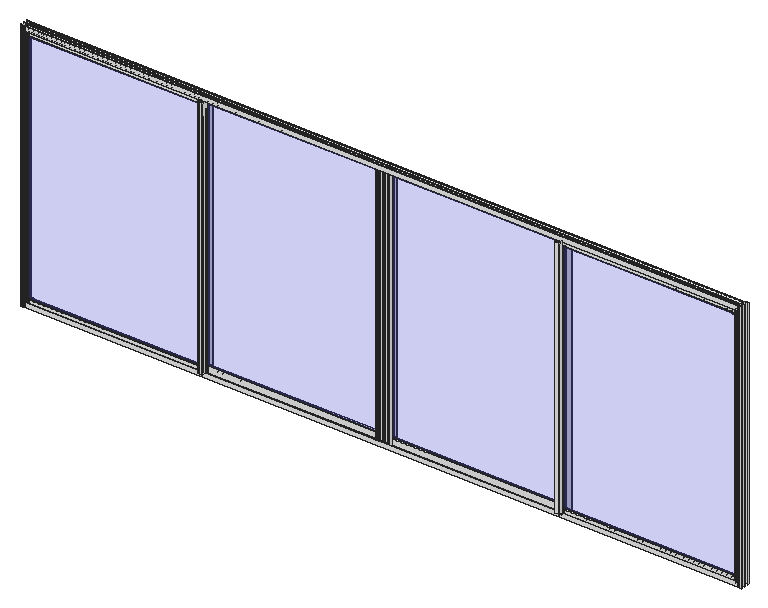
Revit family "700_OXXO_Standard", category Doors, host Wall, Revit 2014 (continued)
Definition of nested family "700_Sash_OXXO_Sliding_Female_Std"
  Definition of nested family "700_Heavy_Duty_Female_Meeting_Stile"
    Forms (mm)
      Extrusion 2, void
        sketch origin (0, 0, 250) x (0, 1, 0) y (1, 0, 0)
          loop
            line (50.839, 29.236) -> (50.839, 3.089) -> (78.749, 3.089) -> (78.749, 29.236) -> (50.839, 29.236)
          loop
            line (25.839, 30.848) -> (1.921, 30.848) -> (1.921, 2.015) -> (25.839, 2.015) -> (25.839, 30.848)
        from 0 to 14.3
    Cuts and joins
      Extrusion 2 cuts Extrusion 1
    Dimensions and locks
      aligned and locked: level to plane 2
  Definition of nested family "700_Extra_Heavy_Duty_Female_Meeting_Stile"
    Parameters (values of type "700_Extra_Heavy_Duty_Female_Meeting_Stile")
      Profile Material [instance] = none
      Length Extra Heavy Duty Female Meeting Stile [instance] = 250 mm
    Reference planes
      plane 1 "Center (Front/Back)": y = 0
      plane 2: z = 0
      plane 3 "Center (Left/Right)": x = 0
    Forms (mm)
      Extrusion 1, solid, material <- "Profile Material"
        sketch origin (0, 0, 0) x (1, 0, 0) y (0, 1, 0)
          loop
            arc (9.077, 25.376) -> (6.955, 24.497) -> (6.077, 22.376) r 3
            line (6.077, 22.376) -> (6.077, 10.376)
            arc (6.077, 10.376) -> (6.955, 8.254) -> (9.077, 7.376) r 3
            line (9.077, 7.376) -> (15.077, 7.376)
            arc (15.077, 7.376) -> (17.198, 8.254) -> (18.077, 10.376) r 3
            line (18.077, 10.376) -> (18.077, 22.376)
            arc (18.077, 22.376) -> (17.198, 24.497) -> (15.077, 25.376) r 3
            line (15.077, 25.376) -> (9.077, 25.376)
          loop
            line (19.477, 48.476) -> (19.477, 27.276) -> (50.877, 27.276) -> (50.877, 48.476) -> (19.477, 48.476)
          loop
            arc (18.077, 65.376) -> (17.198, 67.497) -> (15.077, 68.376) r 3
            line (15.077, 68.376) -> (9.077, 68.376)
            arc (9.077, 68.376) -> (6.955, 67.497) -> (6.077, 65.376) r 3
            line (6.077, 65.376) -> (6.077, 53.376)
            arc (6.077, 53.376) -> (6.955, 51.254) -> (9.077, 50.376) r 3
            line (9.077, 50.376) -> (15.077, 50.376)
            arc (15.077, 50.376) -> (17.198, 51.254) -> (18.077, 53.376) r 3
            line (18.077, 53.376) -> (18.077, 65.376)
          loop
            line (6.477, 45.168) -> (6.477, 48.976) -> (18.077, 48.976) -> (18.077, 26.776) -> (6.477, 26.776) -> (6.477, 30.583) -> (10.62, 31.693)
            arc (10.62, 31.693) -> (11.071, 32.356) -> (10.46, 32.875) r 0.6
            line (10.46, 32.875) -> (5.077, 32.875) -> (5.077, 26.276) -> (4.077, 26.276) -> (4.077, 5.876)
            arc (4.077, 5.876) -> (4.955, 3.754) -> (7.077, 2.876) r 3
            line (7.077, 2.876) -> (17.077, 2.876)
            arc (17.077, 2.876) -> (19.198, 3.754) -> (20.077, 5.876) r 3
            line (20.077, 5.876) -> (20.077, 22.376)
            arc (20.077, 22.376) -> (20.955, 24.497) -> (23.077, 25.376) r 3
            line (23.077, 25.376) -> (65.377, 25.376) -> (65.377, 26.776) -> (52.377, 26.776) -> (52.377, 48.976) -> (65.377, 48.976) -> (65.377, 50.376) -> (23.077, 50.376)
            arc (23.077, 50.376) -> (20.955, 51.254) -> (20.077, 53.376) r 3
            line (20.077, 53.376) -> (20.077, 69.876)
            arc (20.077, 69.876) -> (19.198, 71.997) -> (17.077, 72.876) r 3
            line (17.077, 72.876) -> (7.077, 72.876)
            arc (7.077, 72.876) -> (4.955, 71.997) -> (4.077, 69.876) r 3
            line (4.077, 69.876) -> (4.077, 49.476) -> (5.077, 49.476) -> (5.077, 42.876) -> (10.46, 42.876)
            arc (10.46, 42.876) -> (11.071, 43.395) -> (10.62, 44.058) r 0.6
            line (10.62, 44.058) -> (6.477, 45.168)
        from 0 to 250 <- "Length Extra Heavy Duty Female Meeting Stile"
      Extrusion 2, void
        sketch origin (0, 0, 250) x (0, 1, 0) y (1, 0, 0)
          loop
            line (50.376, 27.044) -> (50.376, -4.296) -> (77.736, -4.296) -> (77.736, 27.044) -> (50.376, 27.044)
          loop
            line (25.376, 28.298) -> (-1.599, 28.298) -> (-1.599, -6.702) -> (25.376, -6.702) -> (25.376, 28.298)
        from 0 to 14.3
    Cuts and joins
      Extrusion 2 cuts Extrusion 1
    Dimensions and locks
      aligned and locked: level to plane 2
Definition of nested family "700_Sash_OXXO_Sliding_Male_Std"
  Parameters (values of type "700_Sash_OXXO_Sliding_Male")
    Meeting Stile Configuration [instance] = 1 mm
    Is Heavy Duty Meeting Stile [instance] = if(Meeting Stile Configuration = 1 mm, 1 = 1, 1 = 0)  # yes
    Is Heavy Duty Interlock [instance] = if(Interlock Configuration = 2 mm, 1 = 1, 1 = 0)  # yes
    Is Extra Heavy Duty Meeting Stile [instance] = if(Meeting Stile Configuration = 2 mm, 1 = 1, 1 = 0)  # no
    Is Extra Heavy Duty Interlock [instance] = if(Interlock Configuration = 3 mm, 1 = 1, 1 = 0)  # no
    Interlock Configuration [instance] = 2 mm
    Head & Sill Front Back Gap = 0.9 mm  # constant formula
    Sash Width [instance] = 900 mm
    Sash Height [instance] = 1200 mm
    Right Sliding [instance] = yes
    Profile Material [instance] = White Powder Coated Aluminium ANP 1052
    Middle of Glazing = 25 mm / 2  # 12.5 mm
    Length Sash Head & Sill [instance] = Sash Width - 28 mm - 60.3 mm  # 811.7 mm
    Length Arrow Tip [instance] = Length Arrow / 3.3  # 80.747 mm
    Length Arrow [instance] = (Sash Width - (2 * 50.3 mm)) / 3  # 266.467 mm
    Left Sliding [instance] = yes
    Is Sliding [instance] = if(or(Right Sliding, Left Sliding), 1 = 1, 1 = 2)  # yes
    Head & Sill Side Gap = 60.3 mm  # constant formula
    Glazing Width [instance] = Sash Width - 52.3 mm - 19 mm  # 828.7 mm
    Glazing Thickness [instance] = 6.4 mm
    Glazing Start [instance] = -Glazing Thickness / 2  # -3.2 mm
    Glazing Material [instance] = Glass
    Glazing Height [instance] = Sash Height - (2 mm * 41.5)  # 1117 mm
    Glazing End [instance] = Glazing Thickness / 2  # 3.2 mm
    Glazing Edge Jamb Gap = 52.3 mm  # constant formula
    Glazing Edge Bottom and Top Gap = 41.5 mm  # constant formula
    Extra Heavy Duty Interlock Side Gap [instance] = Sash Width - 28 mm  # 872 mm
    Arrow Tip Length [instance] = if((Sash Height - (2 * 50.3 mm)) / 8 > Length Arrow / 3.3, Length Arrow / 3.3, (Sash Height - (2 * 50.3 mm)) / 8)  # 80.747 mm
    Arrow Tip Angle = 45.00°  # constant formula
    Arrow Left Gap [instance] = (Sash Width - Length Arrow) / 2  # 316.767 mm
    Arrow Bottom Gap [instance] = Sash Height / 2  # 600 mm
  Reference planes
    plane 1 "Center (Front/Back)": y = 0
    plane 2: z = 0
    plane 3 "Center (Left/Right)": x = 0
    plane 4: y = -12.5
  Forms (mm)
    Extrusion 1, solid, material "Glass" <- "Glazing Material"
      sketch origin (-1127.187, -12.5, 1197.5) x (-1, 0, 0) y (0, 0, 1)
        loop
          line (-246.187, -39) -> (-1074.887, -39) -> (-1074.887, -1156) -> (-246.187, -1156) -> (-246.187, -39)
      from -3.2 <- "Glazing Start" to 3.2 <- "Glazing End"
  Lines and regions (mm)
    model lines, visible <- "Is Sliding"
      curve 1: line (-583.233, -9.3, 600) -> (-316.767, -9.3, 600)
    model lines, visible <- "Left Sliding"
      curve 2: line (-316.767, -9.3, 600) -> (-373.864, -9.3, 657.097)
      curve 3: line (-316.767, -9.3, 600) -> (-373.864, -9.3, 542.903)
    model lines, visible <- "Right Sliding"
      curve 4: line (-583.233, -9.3, 600) -> (-526.136, -9.3, 657.097)
      curve 5: line (-583.233, -9.3, 600) -> (-526.136, -9.3, 542.903)
  Dimensions and locks
    "Length Arrow": curve 1 to curve 1
    "Arrow Left Gap": plane 3 "Center (Left/Right)" to curve 1
    "Arrow Bottom Gap": level to curve 1
    "Arrow Tip Length": curve 3 to curve 2
    "Arrow Tip Length": curve 3 to curve 3
    "Length Arrow Tip": curve 5 to curve 5
    "Length Arrow Tip": curve 5 to curve 4
    "Middle of Glazing": plane 4 to plane 1 "Center (Front/Back)"
    "Sash Height": nested 1 to plane 2
    "Head & Sill Side Gap": plane 3 "Center (Left/Right)" to nested 1
    "Head & Sill Side Gap": plane 3 "Center (Left/Right)" to nested 2
    "Sash Width": nested 3 to plane 3 "Center (Left/Right)"
    "Head & Sill Front Back Gap": nested 2 to plane 1 "Center (Front/Back)"
    "Head & Sill Front Back Gap": nested 1 to plane 1 "Center (Front/Back)"
    "Glazing Edge Jamb Gap": Extrusion 1 to plane 3 "Center (Left/Right)"
    "Glazing Width": Extrusion 1 to Extrusion 1
    "Glazing Height": Extrusion 1 to Extrusion 1
    "Glazing Edge Bottom and Top Gap": Extrusion 1 to plane 2
    "Extra Heavy Duty Interlock Side Gap": nested 4 to plane 3 "Center (Left/Right)"
    "Arrow Tip Angle": angle curve 3 to curve 1
    "Arrow Tip Angle": angle curve 1 to curve 2
    "Arrow Tip Angle": angle curve 4 to curve 1
    "Arrow Tip Angle": angle curve 1 to curve 5
    aligned and locked: level to plane 2
    aligned and locked: plane 1 "Center (Front/Back)" to nested 3
    aligned and locked: nested 2 to level
    aligned and locked: plane 2 to nested 3
    aligned and locked: plane 1 "Center (Front/Back)" to nested 4
    aligned and locked: plane 2 to nested 4
    aligned and locked: nested 5 to plane 1 "Center (Front/Back)"
    aligned and locked: plane 3 "Center (Left/Right)" to nested 5
    aligned and locked: nested 5 to plane 2
    aligned and locked: nested 6 to plane 1 "Center (Front/Back)"
    aligned and locked: plane 3 "Center (Left/Right)" to nested 6
    aligned and locked: nested 6 to plane 2
  Automatic sketch dimensions
    Extrusion 1 sketch curve to plane 3 "Center (Left/Right)" = 52.3 mm
    level to Extrusion 1 sketch curve = 41.5 mm
    Extrusion 1 sketch curve to Extrusion 1 sketch curve = 828.7 mm
    Extrusion 1 sketch curve to Extrusion 1 sketch curve = 1117 mm
  Nested families
    nested 1: "700_Sash_Head_Rail" at (-872, -30.849, 1092.975), Profile Material <- "Profile Material", Length Sash Head & Sill Rail <- "Length Sash Head & Sill", type "700_Sash_Head_Rail"
      with Profile Material White Powder Coated Aluminium ANP 1052, Length Sash Head & Sill Rail 811.7 mm
    nested 2: "700_Sash_Sill_Rail" at (-872, -30.849, -7.025), Profile Material <- "Profile Material", Length Sash Head & Sill Rail <- "Length Sash Head & Sill", type "700_Sash_Sill_Rail"
      with Profile Material White Powder Coated Aluminium ANP 1052, Length Sash Head & Sill Rail 811.7 mm
    nested 3: "700_Heavy_Duty_Interlock" at (-904.214, -36.241, 0) x (0, 1, 0) z (0, 0, 1), Profile Material <- "Profile Material", Length Heavu Duty Interlocker <- "Sash Height", visible <- "Is Heavy Duty Interlock", type "700_Heavy_Duty_Interlock"
      with Profile Material White Powder Coated Aluminium ANP 1052, Length Heavu Duty Interlocker 1200 mm
    nested 4: "700_Extra_Heavy_Duty_Interlock" at (-866.986, -36.132, 0) x (-1, 0, 0) z (0, 0, 1), Profile Material <- "Profile Material", Length Extra Heavy Duty Interlock <- "Sash Height", visible <- "Is Extra Heavy Duty Interlock", type "700_Extra_Heavy_Duty_Interlock"
      with Profile Material White Powder Coated Aluminium ANP 1052, Length Extra Heavy Duty Interlock 1200 mm
    nested 5: "700_Heavy_Duty_Meeting_Stile" at (-68.953, -53.554, 0), Profile Material <- "Profile Material", Length Heavy Duty Meeting Stile <- "Sash Height", visible <- "Is Heavy Duty Meeting Stile", type "700_Heavy_Duty_Meeting_Stile"
      with Profile Material White Powder Coated Aluminium ANP 1052, Length Heavy Duty Meeting Stile 1200 mm
    nested 6: "700_Extra_Heavy_Duty_Meeting_Stile" at (-67.059, -50.751, 0), visible <- "Is Extra Heavy Duty Meeting Stile", Profile Material <- "Profile Material", Length Extra Heavy Duty Meeting Stile <- "Sash Height", type "700_Extra_Heavy_Duty_Meeting_Stile"
      with Profile Material White Powder Coated Aluminium ANP 1052, Length Extra Heavy Duty Meeting Stile 1200 mm
  Definition of nested family "700_Sash_Head_Rail"
    Parameters (values of type "700_Sash_Head_Rail")
      Profile Material [instance] = none
      Length Sash Head & Sill Rail [instance] = 250 mm
    Reference planes
      plane 1 "Center (Front/Back)": y = 0
      plane 2: z = 0
      plane 3 "Center (Left/Right)": x = 0
    Forms (mm)
      Extrusion 1, solid, material <- "Profile Material"
        sketch origin (0, 0, 0) x (0, 1, 0) y (0, 0, 1)
          loop
            line (24.799, 62.725) -> (23.399, 62.725) -> (23.399, 57.025) -> (26.819, 57.025)
            arc (26.819, 57.025) -> (27.319, 57.159) -> (27.685, 57.525) r 1
            line (27.685, 57.525) -> (29.949, 61.447) -> (29.949, 107.025) -> (28.549, 107.025) -> (28.549, 71.925) -> (8.249, 71.925) -> (8.249, 107.025) -> (6.849, 107.025) -> (6.849, 61.447) -> (9.114, 57.525)
            arc (9.114, 57.525) -> (9.48, 57.159) -> (9.98, 57.025) r 1
            line (9.98, 57.025) -> (13.399, 57.025) -> (13.399, 62.725) -> (11.999, 62.725) -> (11.999, 58.425) -> (10.209, 58.425) -> (8.249, 61.903) -> (8.249, 70.525) -> (28.549, 70.525) -> (28.509, 61.753) -> (26.588, 58.425) -> (24.799, 58.425) -> (24.799, 62.725)
        from 0 to 250 <- "Length Sash Head & Sill Rail"
    Dimensions and locks
      aligned and locked: level to plane 2
  Definition of nested family "700_Sash_Sill_Rail"
    Parameters (values of type "700_Sash_Sill_Rail")
      Profile Material [instance] = none
      Length Sash Head & Sill Rail [instance] = 250 mm
    Reference planes
      plane 1 "Center (Front/Back)": y = 0
      plane 2: z = 0
      plane 3 "Center (Left/Right)": x = 0
    Forms (mm)
      Extrusion 1, solid, material <- "Profile Material"
        sketch origin (0, 0, 0) x (0, 1, 0) y (0, 0, 1)
          loop
            line (24.799, 51.325) -> (24.799, 55.625) -> (26.588, 55.625) -> (28.509, 52.298) -> (28.549, 43.525) -> (8.249, 43.525) -> (8.249, 52.148) -> (10.209, 55.625) -> (11.999, 55.625) -> (11.999, 51.325) -> (13.399, 51.325) -> (13.399, 57.025) -> (9.98, 57.025)
            arc (9.98, 57.025) -> (9.48, 56.891) -> (9.114, 56.525) r 1
            line (9.114, 56.525) -> (6.849, 52.603) -> (6.849, 7.025) -> (8.249, 7.025) -> (8.249, 42.125) -> (28.549, 42.125) -> (28.549, 7.025) -> (29.949, 7.025) -> (29.949, 52.603) -> (27.685, 56.525)
            arc (27.685, 56.525) -> (27.319, 56.891) -> (26.819, 57.025) r 1
            line (26.819, 57.025) -> (23.399, 57.025) -> (23.399, 51.325) -> (24.799, 51.325)
        from 0 to 250 <- "Length Sash Head & Sill Rail"
    Dimensions and locks
      aligned and locked: level to plane 2
  Definition of nested family "700_Heavy_Duty_Interlock"
    Parameters (values of type "700_Heavy_Duty_Interlock")
      Profile Material [instance] = none
      Length Heavu Duty Interlocker [instance] = 250 mm
    Reference planes
      plane 1 "Center (Front/Back)": y = 0
      plane 2: z = 0
      plane 3 "Center (Left/Right)": x = 0
    Forms (mm)
      Extrusion 1, solid, material <- "Profile Material"
        sketch origin (0, 0, 0) x (1, 0, 0) y (0, 1, 0)
          loop
            line (13.041, 13.614) -> (13.041, 7.114)
            arc (13.041, 7.114) -> (13.481, 6.054) -> (14.541, 5.614) r 1.5
            line (14.541, 5.614) -> (62.241, 5.614) -> (62.241, 16.814) -> (14.841, 16.814) -> (14.841, 13.614) -> (13.041, 13.614)
          loop
            line (14.241, 4.214) -> (63.241, 4.214)
            arc (63.241, 4.214) -> (65.363, 5.093) -> (66.241, 7.214) r 3
            line (66.241, 7.214) -> (66.241, 15.214)
            arc (66.241, 15.214) -> (65.363, 17.336) -> (63.241, 18.214) r 3
            line (63.241, 18.214) -> (36.241, 18.214) -> (36.241, 33.314) -> (35.441, 33.314) -> (35.441, 32.214) -> (28.741, 32.214) -> (28.741, 26.823)
            arc (28.741, 26.823) -> (29.259, 26.22) -> (29.921, 26.659) r 0.6
            line (29.921, 26.659) -> (31.034, 30.814) -> (34.241, 30.814) -> (34.241, 18.214) -> (14.841, 18.214) -> (14.841, 23.914) -> (13.041, 23.914) -> (13.041, 30.814) -> (16.448, 30.814) -> (17.562, 26.659)
            arc (17.562, 26.659) -> (18.224, 26.22) -> (18.741, 26.823) r 0.6
            line (18.741, 26.823) -> (18.741, 32.214) -> (12.041, 32.214) -> (12.041, 33.314) -> (11.241, 33.314) -> (11.241, 21.014) -> (12.241, 21.014) -> (12.241, 22.214) -> (13.441, 22.214) -> (13.441, 15.314) -> (12.241, 15.314) -> (12.241, 16.514) -> (11.241, 16.514) -> (11.241, 11.764) -> (6.241, 11.764)
            arc (6.241, 11.764) -> (5.888, 11.911) -> (5.741, 12.264) r 0.5
            line (5.741, 12.264) -> (5.741, 15.764)
            arc (5.741, 15.764) -> (5.888, 16.118) -> (6.241, 16.264) r 0.5
            line (6.241, 16.264) -> (7.171, 16.264) -> (5.327, 23.885)
            arc (5.327, 23.885) -> (4.781, 24.26) -> (4.341, 23.765) r 0.5
            line (4.341, 23.765) -> (4.341, 11.864)
            arc (4.341, 11.864) -> (4.781, 10.804) -> (5.841, 10.364) r 1.5
            line (5.841, 10.364) -> (11.241, 10.364) -> (11.241, 7.214)
            arc (11.241, 7.214) -> (12.12, 5.093) -> (14.241, 4.214) r 3
        from 0 to 250 <- "Length Heavu Duty Interlocker"
      Extrusion 2, void
        sketch origin (63.241, 18.214, 0) x (1, 0, 0) y (0, 0, 1)
          loop
            line (-27, 250) -> (-27, 235.7) -> (8, 235.7) -> (8, 250) -> (-27, 250)
        from 0 to 250
    Cuts and joins
      Extrusion 2 cuts Extrusion 1
    Dimensions and locks
      locked: Extrusion 2 sketch curve to Extrusion 2 sketch curve at 14.3
      aligned and locked: level to plane 2
      aligned and locked: Extrusion 1 to Extrusion 2 sketch curve
      aligned and locked: Extrusion 2 sketch curve to Extrusion 1
  Definition of nested family "700_Extra_Heavy_Duty_Interlock"
    Parameters (values of type "700_Extra_Heavy_Duty_Interlock")
      Profile Material [instance] = none
      Length Extra Heavy Duty Interlock [instance] = 250 mm
    Reference planes
      plane 1 "Center (Front/Back)": y = 0
      plane 2: z = 0
      plane 3 "Center (Left/Right)": x = 0
    Forms (mm)
      Extrusion 1, solid, material <- "Profile Material"
        sketch origin (0, 0, 0) x (1, 0, 0) y (0, 1, 0)
          loop
            line (6.414, 16.339) -> (10.57, 17.452)
            arc (10.57, 17.452) -> (11.009, 18.114) -> (10.406, 18.631) r 0.6
            line (10.406, 18.631) -> (5.014, 18.631) -> (5.014, 11.932) -> (3.914, 11.932) -> (3.914, 11.132) -> (15.714, 11.132)
            arc (15.714, 11.132) -> (16.214, 11.632) -> (15.714, 12.132) r 0.5
            line (15.714, 12.132) -> (14.914, 12.132) -> (14.914, 13.332) -> (22.014, 13.332) -> (22.014, 12.132) -> (21.214, 12.132)
            arc (21.214, 12.132) -> (20.714, 11.632) -> (21.214, 11.132) r 0.5
            line (21.214, 11.132) -> (24.864, 11.132) -> (24.864, 9.98)
            arc (24.864, 9.98) -> (23.986, 7.858) -> (21.864, 6.98) r 3
            line (21.864, 6.98) -> (20.665, 6.98) -> (13.344, 5.217)
            arc (13.344, 5.217) -> (12.968, 4.671) -> (13.464, 4.232) r 0.5
            line (13.464, 4.232) -> (25.364, 4.232)
            arc (25.364, 4.232) -> (26.425, 4.671) -> (26.864, 5.732) r 1.5
            line (26.864, 5.732) -> (26.864, 11.132) -> (39.914, 11.132)
            arc (39.914, 11.132) -> (42.036, 12.01) -> (42.914, 14.132) r 3
            line (42.914, 14.132) -> (42.914, 63.132)
            arc (42.914, 63.132) -> (42.036, 65.253) -> (39.914, 66.132) r 3
            line (39.914, 66.132) -> (6.914, 66.132)
            arc (6.914, 66.132) -> (4.793, 65.253) -> (3.914, 63.132) r 3
            line (3.914, 63.132) -> (3.914, 35.332) -> (5.014, 35.332) -> (5.014, 28.632) -> (10.406, 28.632)
            arc (10.406, 28.632) -> (11.009, 29.149) -> (10.57, 29.811) r 0.6
            line (10.57, 29.811) -> (6.414, 30.924) -> (6.414, 34.132) -> (19.014, 34.132) -> (19.014, 14.732) -> (13.314, 14.732) -> (13.314, 12.932) -> (6.414, 12.932) -> (6.414, 16.339)
          loop
            line (37.914, 62.132) -> (8.914, 62.132)
            arc (8.914, 62.132) -> (6.793, 61.253) -> (5.914, 59.132) r 3
            line (5.914, 59.132) -> (5.914, 36.132) -> (40.914, 36.132) -> (40.914, 59.132)
            arc (40.914, 59.132) -> (40.036, 61.253) -> (37.914, 62.132) r 3
          loop
            line (23.415, 14.732) -> (37.914, 14.732)
            arc (37.914, 14.732) -> (40.036, 15.61) -> (40.914, 17.732) r 3
            line (40.914, 17.732) -> (40.914, 34.132) -> (20.415, 34.132) -> (20.415, 17.732)
            arc (20.415, 17.732) -> (21.294, 15.61) -> (23.415, 14.732) r 3
        from 0 to 250 <- "Length Extra Heavy Duty Interlock"
      Extrusion 2, void
        sketch origin (3.914, 63.132, 0) x (0, 1, 0) y (0, 0, 1)
          loop
            line (-27.8, 250) -> (-27.8, 235.7) -> (7.2, 235.7) -> (7.2, 250) -> (-27.8, 250)
        from 0 to 250
    Cuts and joins
      Extrusion 2 cuts Extrusion 1
    Dimensions and locks
      locked: Extrusion 1 to Extrusion 2 sketch curve at 14.3
      aligned and locked: level to plane 2
      aligned and locked: Extrusion 2 sketch curve to Extrusion 1  (x2)
  Definition of nested family "700_Heavy_Duty_Meeting_Stile"
    Parameters (values of type "700_Heavy_Duty_Meeting_Stile")
      Profile Material [instance] = none
      Length Heavy Duty Meeting Stile [instance] = 250 mm
    Reference planes
      plane 1 "Center (Front/Back)": y = 0
      plane 2: z = 0
      plane 3 "Center (Left/Right)": x = 0
    Forms (mm)
      Extrusion 1, solid, material <- "Profile Material"
        sketch origin (0, 0, 0) x (1, 0, 0) y (0, 1, 0)
          loop
            line (71.603, 50.154) -> (68.953, 50.154) -> (68.953, 53.554) -> (26.253, 53.554)
            arc (26.253, 53.554) -> (24.132, 54.432) -> (23.253, 56.554) r 3
            line (23.253, 56.554) -> (23.253, 73.054)
            arc (23.253, 73.054) -> (22.374, 75.175) -> (20.253, 76.054) r 3
            line (20.253, 76.054) -> (14.253, 76.054)
            arc (14.253, 76.054) -> (12.058, 75.098) -> (11.261, 72.84) r 3
            arc (11.261, 72.84) -> (11.37, 72.432) -> (11.753, 72.254) r 0.5
            line (11.753, 72.254) -> (14.553, 72.254)
            arc (14.553, 72.254) -> (14.907, 72.4) -> (15.053, 72.754) r 0.5
            arc (15.053, 72.754) -> (15.492, 73.814) -> (16.553, 74.254) r 1.5
            line (16.553, 74.254) -> (19.953, 74.254)
            arc (19.953, 74.254) -> (21.014, 73.814) -> (21.453, 72.754) r 1.5
            line (21.453, 72.754) -> (21.453, 56.554)
            arc (21.453, 56.554) -> (20.574, 54.432) -> (18.453, 53.554) r 3
            line (18.453, 53.554) -> (7.353, 53.554) -> (7.353, 52.754) -> (8.653, 52.754) -> (8.653, 46.054) -> (13.837, 46.054)
            arc (13.837, 46.054) -> (14.448, 46.573) -> (13.997, 47.236) r 0.6
            line (13.997, 47.236) -> (9.853, 48.346) -> (9.853, 52.154) -> (21.453, 52.154) -> (21.453, 29.954) -> (9.853, 29.954) -> (9.853, 33.761) -> (13.997, 34.871)
            arc (13.997, 34.871) -> (14.448, 35.534) -> (13.837, 36.053) r 0.6
            line (13.837, 36.053) -> (8.653, 36.053) -> (8.653, 29.354) -> (7.353, 29.354) -> (7.353, 28.554) -> (18.453, 28.554)
            arc (18.453, 28.554) -> (20.574, 27.675) -> (21.453, 25.554) r 3
            line (21.453, 25.554) -> (21.453, 9.354)
            arc (21.453, 9.354) -> (21.014, 8.293) -> (19.953, 7.854) r 1.5
            line (19.953, 7.854) -> (16.553, 7.854)
            arc (16.553, 7.854) -> (15.492, 8.293) -> (15.053, 9.354) r 1.5
            arc (15.053, 9.354) -> (14.907, 9.707) -> (14.553, 9.854) r 0.5
            line (14.553, 9.854) -> (11.753, 9.854)
            arc (11.753, 9.854) -> (11.37, 9.675) -> (11.261, 9.267) r 0.5
            arc (11.261, 9.267) -> (12.058, 7.009) -> (14.253, 6.054) r 3
            line (14.253, 6.054) -> (20.253, 6.054)
            arc (20.253, 6.054) -> (22.374, 6.932) -> (23.253, 9.054) r 3
            line (23.253, 9.054) -> (23.253, 25.554)
            arc (23.253, 25.554) -> (24.132, 27.675) -> (26.253, 28.554) r 3
            line (26.253, 28.554) -> (68.953, 28.554) -> (68.953, 31.954) -> (71.603, 31.954) -> (71.603, 32.954) -> (70.603, 32.954) -> (70.603, 34.154) -> (77.503, 34.154) -> (77.503, 32.954) -> (76.703, 32.954) -> (76.703, 31.954) -> (78.153, 31.954)
            arc (78.153, 31.954) -> (78.86, 32.246) -> (79.153, 32.954) r 1
            line (79.153, 32.954) -> (79.153, 34.554)
            arc (79.153, 34.554) -> (78.86, 35.261) -> (78.153, 35.554) r 1
            line (78.153, 35.554) -> (68.953, 35.554) -> (68.953, 33.354) -> (67.553, 33.354) -> (67.553, 29.954) -> (59.153, 29.954) -> (59.153, 52.154) -> (67.553, 52.154) -> (67.553, 48.754) -> (68.953, 48.754) -> (68.953, 46.554) -> (78.153, 46.554)
            arc (78.153, 46.554) -> (78.86, 46.846) -> (79.153, 47.554) r 1
            line (79.153, 47.554) -> (79.153, 49.154)
            arc (79.153, 49.154) -> (78.86, 49.861) -> (78.153, 50.154) r 1
            line (78.153, 50.154) -> (76.703, 50.154) -> (76.703, 49.154) -> (77.503, 49.154) -> (77.503, 47.954) -> (70.603, 47.954) -> (70.603, 49.154) -> (71.603, 49.154) -> (71.603, 50.154)
          loop
            line (22.853, 29.954) -> (57.353, 29.954) -> (57.353, 52.154) -> (22.853, 52.154) -> (22.853, 29.954)
        from 0 to 250 <- "Length Heavy Duty Meeting Stile"
      Extrusion 2, void
        sketch origin (0, 0, 250) x (0, 1, 0) y (1, 0, 0)
          loop
            line (53.554, 31.569) -> (53.554, 4.005) -> (79.816, 4.005) -> (79.816, 31.569) -> (53.554, 31.569)
          loop
            line (28.554, 30.634) -> (3.043, 30.634) -> (3.043, 4.005) -> (28.554, 4.005) -> (28.554, 30.634)
        from 0 to 14.3
    Cuts and joins
      Extrusion 2 cuts Extrusion 1
    Dimensions and locks
      aligned and locked: level to plane 2
  Definition of nested family "700_Extra_Heavy_Duty_Meeting_Stile"
    Parameters (values of type "700_Extra_Heavy_Duty_Meeting_Stile")
      Profile Material [instance] = none
      Length Extra Heavy Duty Meeting Stile [instance] = 250 mm
    Reference planes
      plane 1 "Center (Front/Back)": y = 0
      plane 2: z = 0
      plane 3 "Center (Left/Right)": x = 0
    Forms (mm)
      Extrusion 1, solid, material <- "Profile Material"
        sketch origin (0, 0, 0) x (1, 0, 0) y (0, 1, 0)
          loop
            line (20.959, 48.851) -> (20.959, 27.651) -> (55.459, 27.651) -> (55.459, 48.851) -> (20.959, 48.851)
          loop
            line (24.559, 25.751) -> (67.059, 25.751) -> (67.059, 29.151) -> (69.709, 29.151) -> (69.709, 30.151) -> (68.709, 30.151) -> (68.709, 31.351) -> (75.609, 31.351) -> (75.609, 30.151) -> (74.809, 30.151) -> (74.809, 29.151) -> (76.259, 29.151)
            arc (76.259, 29.151) -> (76.966, 29.444) -> (77.259, 30.151) r 1
            line (77.259, 30.151) -> (77.259, 31.751)
            arc (77.259, 31.751) -> (76.966, 32.458) -> (76.259, 32.751) r 1
            line (76.259, 32.751) -> (67.059, 32.751) -> (67.059, 30.551) -> (65.659, 30.551) -> (65.659, 27.151) -> (57.259, 27.151) -> (57.259, 49.351) -> (65.659, 49.351) -> (65.659, 45.951) -> (67.059, 45.951) -> (67.059, 43.751) -> (76.259, 43.751)
            arc (76.259, 43.751) -> (76.966, 44.044) -> (77.259, 44.751) r 1
            line (77.259, 44.751) -> (77.259, 46.351)
            arc (77.259, 46.351) -> (76.966, 47.058) -> (76.259, 47.351) r 1
            line (76.259, 47.351) -> (74.809, 47.351) -> (74.809, 46.351) -> (75.609, 46.351) -> (75.609, 45.151) -> (68.709, 45.151) -> (68.709, 46.351) -> (69.709, 46.351) -> (69.709, 47.351) -> (67.059, 47.351) -> (67.059, 50.751) -> (24.559, 50.751)
            arc (24.559, 50.751) -> (22.438, 51.63) -> (21.559, 53.751) r 3
            line (21.559, 53.751) -> (21.559, 70.251)
            arc (21.559, 70.251) -> (20.681, 72.372) -> (18.559, 73.251) r 3
            line (18.559, 73.251) -> (8.559, 73.251)
            arc (8.559, 73.251) -> (6.438, 72.372) -> (5.559, 70.251) r 3
            line (5.559, 70.251) -> (5.559, 49.851) -> (6.759, 49.851) -> (6.759, 43.251) -> (11.943, 43.251)
            arc (11.943, 43.251) -> (12.554, 43.77) -> (12.103, 44.433) r 0.6
            line (12.103, 44.433) -> (7.959, 45.544) -> (7.959, 49.351) -> (19.559, 49.351) -> (19.559, 27.151) -> (7.959, 27.151) -> (7.959, 30.958) -> (12.103, 32.068)
            arc (12.103, 32.068) -> (12.554, 32.731) -> (11.943, 33.251) r 0.6
            line (11.943, 33.251) -> (6.759, 33.251) -> (6.759, 26.651) -> (5.559, 26.651) -> (5.559, 6.251)
            arc (5.559, 6.251) -> (6.438, 4.13) -> (8.559, 3.251) r 3
            line (8.559, 3.251) -> (18.559, 3.251)
            arc (18.559, 3.251) -> (20.681, 4.13) -> (21.559, 6.251) r 3
            line (21.559, 6.251) -> (21.559, 22.751)
            arc (21.559, 22.751) -> (22.438, 24.872) -> (24.559, 25.751) r 3
          loop
            arc (10.559, 25.751) -> (8.438, 24.872) -> (7.559, 22.751) r 3
            line (7.559, 22.751) -> (7.559, 10.751)
            arc (7.559, 10.751) -> (8.438, 8.63) -> (10.559, 7.751) r 3
            line (10.559, 7.751) -> (16.559, 7.751)
            arc (16.559, 7.751) -> (18.681, 8.63) -> (19.559, 10.751) r 3
            line (19.559, 10.751) -> (19.559, 22.751)
            arc (19.559, 22.751) -> (18.681, 24.872) -> (16.559, 25.751) r 3
            line (16.559, 25.751) -> (10.559, 25.751)
          loop
            arc (19.559, 65.751) -> (18.681, 67.872) -> (16.559, 68.751) r 3
            line (16.559, 68.751) -> (10.559, 68.751)
            arc (10.559, 68.751) -> (8.438, 67.872) -> (7.559, 65.751) r 3
            line (7.559, 65.751) -> (7.559, 53.751)
            arc (7.559, 53.751) -> (8.438, 51.63) -> (10.559, 50.751) r 3
            line (10.559, 50.751) -> (16.559, 50.751)
            arc (16.559, 50.751) -> (18.681, 51.63) -> (19.559, 53.751) r 3
            line (19.559, 53.751) -> (19.559, 65.751)
        from 0 to 250 <- "Length Extra Heavy Duty Meeting Stile"
      Extrusion 2, void
        sketch origin (0, 0, 250) x (0, 1, 0) y (1, 0, 0)
          loop
            line (50.751, 26.039) -> (50.751, -2.222) -> (75.06, -2.222) -> (75.06, 26.039) -> (50.751, 26.039)
          loop
            line (25.751, 28.115) -> (-1.35, 28.115) -> (-1.35, -4.173) -> (25.751, -4.173) -> (25.751, 28.115)
        from 0 to 14.3
    Cuts and joins
      Extrusion 2 cuts Extrusion 1
    Dimensions and locks
      aligned and locked: level to plane 2
Types (17, lengths in mm): name | Windload Design | Width Sash Side | Width Sash Middle | Width | Toughened Safety U Value | Toughened Safety SHGC Value | Sash Width Middle | Sash Width Sides | Overall Width | Meeting Stile Configuration | Max Pane Area | Limit Door Width Max | Limit Sash Width Side Min | Limit Sash Width Side Max | Intruderprufe U Value | Intruderprufe SHGC Value | Intruderprufe LowE U Value | Intruderprufe LowE SHGC Value | Interlock Configuration | Glazing Thickness | Custom Door Width | Custom Windload | Area Middle Sash Glazing | Area Side Sash Glazing
  (no name) | 1500 | 1499.95 | 1499.95 | 5983 | 6.03 | 0.758 | 1499.95 | 1499.95 | 5983 | 2 | 2.84847 m² | 5983 | 1500 | 1500 | 5.94 | 0.718 | 4.29 | 0.633 | 3 | 6.4 | 5990 | 1500 | 2.80701 m² | 2.84847 m²
  700-3021OXXO-1000Pa | 1000 | 751.7 | 751.7 | 2990 | 6.1 | 0.731 | 751.7 | 751.7 | 2990 | 1 | 1.37831 m² | 5983 | 300 | 1203.5 | 6.01 | 0.693 | 4.55 | 0.611 | 2 | 4 | 2990 | 1000 | 1.33685 m² | 1.37831 m²
  700-3021OXXO-1500Pa | 1500 | 751.7 | 751.7 | 2990 | 6.1 | 0.731 | 751.7 | 751.7 | 2990 | 2 | 1.37831 m² | 5983 | 300 | 1203.5 | 6.01 | 0.693 | 4.55 | 0.611 | 3 | 4 | 2990 | 1500 | 1.33685 m² | 1.37831 m²
  700-3021OXXO-2000Pa | 2000 | 751.7 | 751.7 | 2990 | 6.1 | 0.731 | 751.7 | 751.7 | 2990 | 2 | 1.37831 m² | 3590 | 300 | 1203.5 | 6.01 | 0.693 | 4.55 | 0.611 | 3 | 4 | 2990 | 2000 | 1.33685 m² | 1.37831 m²
  700-3621OXXO-1000Pa | 1000 | 751.7 | 751.7 | 3590 | 6.08 | 0.74 | 901.7 | 901.7 | 2990 | 1 | 1.67303 m² | 5983 | 303.5 | 1500 | 5.99 | 0.702 | 4.46 | 0.619 | 2 | 5 | 3590 | 1000 | 1.63157 m² | 1.67303 m²
  700-3621OXXO-1500Pa | 1500 | 751.7 | 751.7 | 3590 | 6.08 | 0.74 | 901.7 | 901.7 | 2990 | 2 | 1.67303 m² | 5983 | 303.5 | 1500 | 5.99 | 0.702 | 4.46 | 0.619 | 3 | 5 | 3590 | 1500 | 1.63157 m² | 1.67303 m²
  700-3621OXXO-2000Pa | 2000 | 751.7 | 751.7 | 3590 | 6.08 | 0.74 | 901.7 | 901.7 | 2990 | 2 | 1.67303 m² | 3590 | 303.5 | 1500 | 5.99 | 0.702 | 4.46 | 0.619 | 3 | 5 | 3590 | 2000 | 1.63157 m² | 1.67303 m²
  700-4021OXXO-1000Pa | 1000 | 751.7 | 751.7 | 3990 | 6.03 | 0.758 | 1001.7 | 1001.7 | 2990 | 1 | 1.86951 m² | 5983 | 503.5 | 1500 | 5.94 | 0.718 | 4.29 | 0.633 | 2 | 5 | 3990 | 1000 | 1.82805 m² | 1.86951 m²
  700-4021OXXO-1500Pa | 1500 | 751.7 | 751.7 | 3990 | 6.07 | 0.744 | 1001.7 | 1001.7 | 2990 | 2 | 1.86951 m² | 5983 | 503.5 | 1500 | 5.97 | 0.706 | 4.42 | 0.622 | 3 | 5 | 3990 | 1500 | 1.82805 m² | 1.86951 m²
  700-4221OXXO-1000Pa | 1000 | 751.7 | 751.7 | 4190 | 6.06 | 0.746 | 1051.7 | 1051.7 | 2990 | 1 | 1.96775 m² | 5983 | 603.5 | 1500 | 5.97 | 0.708 | 4.4 | 0.624 | 3 | 5 | 4190 | 1000 | 1.92629 m² | 1.96775 m²
  700-4221OXXO-1500Pa | 1500 | 751.7 | 751.7 | 4190 | 6.06 | 0.746 | 1051.7 | 1051.7 | 2990 | 2 | 1.96775 m² | 5983 | 603.5 | 1500 | 5.97 | 0.708 | 4.4 | 0.624 | 3 | 5 | 4190 | 1500 | 1.92629 m² | 1.96775 m²
  700-4821OXXO-1000Pa | 1000 | 751.7 | 751.7 | 4790 | 6.05 | 0.751 | 1201.7 | 1201.7 | 2990 | 2 | 2.26247 m² | 5983 | 903.5 | 1500 | 5.95 | 0.712 | 4.36 | 0.628 | 3 | 6.4 | 4790 | 1000 | 2.22101 m² | 2.26247 m²
  700-4821OXXO-1500Pa | 1500 | 751.7 | 751.7 | 4790 | 6.05 | 0.751 | 1201.7 | 1201.7 | 2990 | 2 | 2.26247 m² | 5983 | 903.5 | 1500 | 5.95 | 0.712 | 4.36 | 0.628 | 3 | 6.4 | 4790 | 1500 | 2.22101 m² | 2.26247 m²
  700-5421OXXO-1000Pa | 1000 | 751.7 | 751.7 | 5390 | 6.04 | 0.755 | 1351.7 | 1351.7 | 2990 | 2 | 2.55719 m² | 5983 | 1203.5 | 1500 | 5.94 | 0.716 | 4.32 | 0.631 | 3 | 6.4 | 5390 | 1000 | 2.51573 m² | 2.55719 m²
  700-5421OXXO-1500Pa | 1500 | 751.7 | 751.7 | 5390 | 6.04 | 0.755 | 1351.7 | 1351.7 | 2990 | 2 | 2.55719 m² | 5983 | 1203.5 | 1500 | 5.94 | 0.716 | 4.32 | 0.631 | 3 | 6.4 | 5390 | 1500 | 2.51573 m² | 2.55719 m²
  700-6021OXXO-1000Pa | 1000 | 751.7 | 751.7 | 5983 | 6.03 | 0.758 | 1499.95 | 1499.95 | 2990 | 2 | 2.84847 m² | 5983 | 1500 | 1500 | 5.94 | 0.718 | 4.29 | 0.633 | 3 | 6.4 | 5990 | 1000 | 2.80701 m² | 2.84847 m²
  700-6021OXXO-1500Pa | 1500 | 1499.95 | 1499.95 | 5983 | 6.03 | 0.758 | 1499.95 | 1499.95 | 5983 | 2 | 2.84847 m² | 5983 | 1500 | 1500 | 5.94 | 0.718 | 4.29 | 0.633 | 3 | 6.4 | 5990 | 1500 | 2.80701 m² | 2.84847 m²
